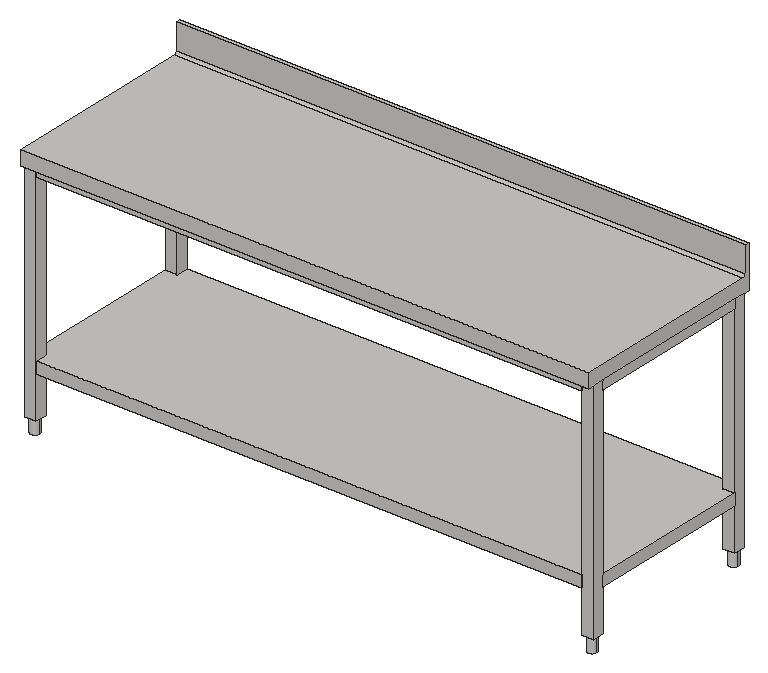
Revit family "QF_ELECTROLUXPROFESSIONAL_134103_LSGTG2010E", category Attrezzature speciali, Revit 2020
Family settings
  Quota connettore circolare = Usa diametro
  Tipo di parte = Normale
  Basato su piano di lavoro = No
  Sempre verticale = Sì
  Taglio con vuoti quando caricato = No
  Condiviso = No
  Punto di calcolo locali = No
Parameters (values of type "Standard")
  Weight = 66.00 kg
  Watts = 0 W
  Volts = 0 V
  URL Manufacturer = "https://www.electroluxprofessional.com/"
  URL = "https://www.electroluxprofessional.com/"
  Steam Supply Size = 0 mm
  Steam Supply Minimum Pressure = 0.0 Pa
  Steam Supply Maximum Pressure = 0.0 Pa
  Steam Consumption per Hour = 0
  Refrigeration Suction Line Size = 0.0 mm
  Refrigeration Liquid Line Size = 0.0 mm
  Refrigerant Compressor Remote = yes
  Prospetto di default = 0.0 mm
  Produttore = "Electrolux Professional"
  Phase = 0
  Modello = "LSGTG2010E"
  Length Actual = 2000.0 mm  # constant formula
  Item Number = "134103"
  Hot Water Size = 0 mm
  Height Actual = 1000.0 mm  # constant formula
  HP = "0 HP"
  Gas Size = 0 mm
  Gas KW = 0
  Gas Input Pressure = 0 W
  Direct Waste Size = 0 mm
  Descrizione = "WORK TABLE  2000 MM+UPSTAND+LOWER SHELF"
  Depth Actual = 700.0 mm  # constant formula
  Cycle = 0 Hz
  Condensate Return Size = 0 mm
  Compressed Air Volume = 0.0 L/s
  Compressed Air Size = 0 mm
  Compressed Air Pressure = 0.0 Pa
  Cold Water Size = 0 mm
  Accessory = yes
Reference planes
  plane 1 "Center (Front/Back)": y = 0
  plane 2: z = 0
  plane 3 "Center (Left/Right)": x = -500
  plane 4 "LEFT": x = -1500
  plane 5 "RIGHT": x = 500
  plane 6 "BACK": y = 350
  plane 7 "FRONT": y = -350
  plane 8 "Base": z = 850
  plane 9 "TOP": z = 900
  plane 10: x = -1480
  plane 11: x = 480
  plane 12: y = 310
  plane 13: y = -310
  plane 14 "TRAVERSI": z = 820
  plane 15: x = -1460
  plane 16: x = 460
  plane 17: y = 290
  plane 18: y = -290
  plane 19: y = 330
  plane 20: y = -330
  plane 21 "Plane": z = 200
Forms (mm)
  Extrusion 1, solid, material "QF_Finishes_Stainless Steel"
    sketch origin (-500, 0, 0) x (0, 1, 0) y (0, 0, 1)
      loop
        line (-350, 850) -> (350, 850) -> (350, 1000) -> (337, 1000) -> (337, 910)
        arc (337, 910) -> (334.071, 902.929) -> (327, 900) r 10
        line (327, 900) -> (-350, 900) -> (-350, 850)
    from 1000 to -1000
  Extrusion 2, solid, material "QF_Finishes_Stainless Steel"
    sketch origin (0, 0, 820) x (0, 1, 0) y (-1, 0, 0)
      loop
        line (290, -460) -> (-290, -460) -> (-290, -500) -> (290, -500) -> (290, -460)
      loop
        line (290, 1500) -> (-290, 1500) -> (-290, 1460) -> (290, 1460) -> (290, 1500)
    from 0 to 30
  Extrusion 3, solid, material "QF_Finishes_Stainless Steel"
    sketch origin (0, 0, 820) x (0, 1, 0) y (-1, 0, 0)
      loop
        line (330, -460) -> (330, 1460) -> (290, 1460) -> (290, -460) -> (330, -460)
      loop
        line (-290, 1460) -> (-330, 1460) -> (-330, -460) -> (-290, -460) -> (-290, 1460)
    from 0 to 30
  Extrusion 4, solid, material "QF_Finishes_Stainless Steel"
    sketch origin (0, 0, 200) x (0, 1, 0) y (-1, 0, 0)
      loop
        line (290, 1500) -> (-290, 1500) -> (-290, 1460) -> (-330, 1460) -> (-330, -460) -> (-290, -460) -> (-290, -500) -> (290, -500) -> (290, -460) -> (330, -460) -> (330, 1460) -> (290, 1460) -> (290, 1500)
    from 0 to 40
Lines and regions (mm)
  symbolic lines
    curve 1: line (500, 350, 900) -> (-1500, 350, 900)
    curve 2: line (-1500, 350, 900) -> (-1500, -350, 900)
    curve 3: line (-1500, -350, 900) -> (500, -350, 900)
    curve 4: line (500, -350, 900) -> (500, 350, 900)
    curve 5: line (-1500, 337, 820) -> (500, 337, 820)
Dimensions and locks
  plane 4 "LEFT" to plane 5 "RIGHT" = 2000.0 mm
  equal spacing: plane 4 "LEFT", plane 3 "Center (Left/Right)", plane 5 "RIGHT"
  plane 4 "LEFT" to plane 10 = 20.0 mm
  plane 11 to plane 5 "RIGHT" = 20.0 mm
  plane 10 to plane 11 = 1960.0 mm
  plane 6 "BACK" to plane 12 = 40.0 mm
  plane 13 to plane 7 "FRONT" = 40.0 mm
  plane 6 "BACK" to plane 7 "FRONT" = 700.0 mm
  plane 12 to plane 13 = 620.0 mm
  equal spacing: plane 6 "BACK", plane 1 "Center (Front/Back)", plane 7 "FRONT"
  plane 8 "Base" to plane 14 "TRAVERSI" = 30.0 mm
  locked: plane 10 to plane 15 at 20
  locked: plane 16 to plane 11 at 20
  locked: plane 19 to plane 12 at 20
  locked: plane 12 to plane 17 at 20
  locked: plane 18 to plane 13 at 20
  locked: plane 13 to plane 20 at 20
  locked: plane 8 "Base" to level at 850
  locked: Extrusion 1 to level at 1000
  locked: plane 21 "Plane" to level at 200
  aligned and locked: level to plane 2
  aligned and locked: plane 10 to nested 1
  aligned and locked: nested 1 to plane 13
  aligned and locked: plane 11 to nested 2
  aligned and locked: nested 2 to plane 13
  aligned and locked: plane 11 to nested 4
  aligned and locked: nested 4 to plane 12
  aligned and locked: plane 10 to nested 3
  aligned and locked: nested 3 to plane 12
  aligned and locked: Extrusion 1 to plane 4 "LEFT"
  aligned and locked: plane 5 "RIGHT" to Extrusion 1
  aligned and locked: curve 2 to plane 4 "LEFT"
  aligned and locked: Extrusion 2 sketch curve to plane 5 "RIGHT"
  aligned and locked: Extrusion 2 sketch curve to plane 17  (x2)
  aligned and locked: plane 16 to Extrusion 2 sketch curve
  aligned and locked: plane 18 to Extrusion 2 sketch curve  (x2)
  aligned and locked: plane 4 "LEFT" to Extrusion 2 sketch curve
  aligned and locked: Extrusion 2 sketch curve to plane 15
  aligned and locked: plane 19 to Extrusion 3 sketch curve
  aligned and locked: Extrusion 3 sketch curve to plane 17
  aligned and locked: Extrusion 3 sketch curve to plane 18
  aligned and locked: plane 20 to Extrusion 3 sketch curve
  aligned and locked: Extrusion 3 sketch curve to plane 15
  aligned and locked: plane 15 to Extrusion 3 sketch curve
  aligned and locked: plane 16 to Extrusion 3 sketch curve
  aligned and locked: Extrusion 3 sketch curve to plane 16
  aligned and locked: curve 5 to Extrusion 1
  aligned and locked: plane 19 to Extrusion 4 sketch curve
  aligned and locked: plane 5 "RIGHT" to Extrusion 4 sketch curve
  aligned and locked: Extrusion 4 sketch curve to plane 4 "LEFT"
  aligned and locked: Extrusion 4 sketch curve to plane 20
  aligned and locked: Extrusion 4 sketch curve to Extrusion 2
  aligned and locked: Extrusion 4 sketch curve to plane 15
  aligned and locked: plane 17 to Extrusion 4 sketch curve  (x2)
  aligned and locked: Extrusion 4 sketch curve to plane 18  (x2)
  aligned and locked: plane 16 to Extrusion 4 sketch curve  (x2)
Automatic sketch dimensions
  curve 3 to plane 7 "FRONT" = 0.0 mm
  curve 4 to plane 6 "BACK" = 0.0 mm
  curve 4 to plane 5 "RIGHT" = 0.0 mm
  Extrusion 1 sketch curve to plane 7 "FRONT" = 0.0 mm
  Extrusion 1 sketch curve to plane 9 "TOP" = 0.0 mm
  Extrusion 1 sketch curve to plane 6 "BACK" = 0.0 mm
  Extrusion 1 sketch curve to plane 8 "Base" = 0.0 mm
  Extrusion 1 sketch curve to plane 19 = 3.0 mm
  plane 19 to Extrusion 1 sketch curve = 7.0 mm
  Extrusion 1 sketch curve to Extrusion 1 sketch curve = 90.0 mm
  curve 5 to plane 5 "RIGHT" = 0.0 mm
  curve 5 to plane 4 "LEFT" = 0.0 mm
Nested families
  nested 1: "FEET_40x40_P50" at (-1480, -310, 0), type "FEET_40x40_P50"
  nested 2: "FEET_40x40_P50" at (480, -310, 0), type "FEET_40x40_P50"
  nested 3: "FEET_40x40_P50" at (-1480, 310, 0), type "FEET_40x40_P50"
  nested 4: "FEET_40x40_P50" at (480, 310, 0), type "FEET_40x40_P50"
Definition of nested family "FEET_40x40_P50"
  Parameters
    Default Elevation = 0.0 mm
    FEET = 850.0 mm
  Reference planes
    plane 1 "Center (Front/Back)": y = 0
    plane 2: z = 0
    plane 3 "Center (Left/Right)": x = 0
    plane 4: z = 850
  Forms (mm)
    Extrusion 1, solid
      sketch origin (0, 0, 0) x (1, 0, 0) y (0, 1, 0)
        loop
          line (-20, -20) -> (20, -20) -> (20, 20) -> (-20, 20) -> (-20, -20)
      from 50 to 850
    Extrusion 2, solid
      sketch origin (0, 0, 0) x (1, 0, 0) y (0, 1, 0)
        loop
          circle (0, 0) r 16
      from 0 to 50
  Lines and regions (mm)
    symbolic lines
      curve 1: line (0, -1.503, 0) -> (0, 1.508, 0)
      curve 2: line (1.561, 0, 0) -> (-1.439, 0, 0)
  Dimensions and locks
    "FEET": plane 4 to plane 2
    aligned and locked: level to plane 2
  Automatic sketch dimensions
    Extrusion 1 sketch curve to plane 3 "Center (Left/Right)" = 20.0 mm
    plane 3 "Center (Left/Right)" to Extrusion 1 sketch curve = 20.0 mm
    plane 1 "Center (Front/Back)" to Extrusion 1 sketch curve = 20.0 mm
    Extrusion 1 sketch curve to plane 1 "Center (Front/Back)" = 20.0 mm
    plane 1 "Center (Front/Back)" to Extrusion 2 sketch curve = 0.0 mm
    Extrusion 2 sketch curve to plane 3 "Center (Left/Right)" = 0.0 mm
    plane 1 "Center (Front/Back)" to curve 2 = 0.0 mm
    curve 1 to plane 3 "Center (Left/Right)" = 0.0 mm
    curve 2 to plane 3 "Center (Left/Right)" = 1.439 mm
    plane 3 "Center (Left/Right)" to curve 2 = 1.561 mm
    plane 1 "Center (Front/Back)" to curve 1 = 1.503 mm
    curve 1 to plane 1 "Center (Front/Back)" = 1.508 mm
    radius of Extrusion 2 sketch curve = 16.0 mm
